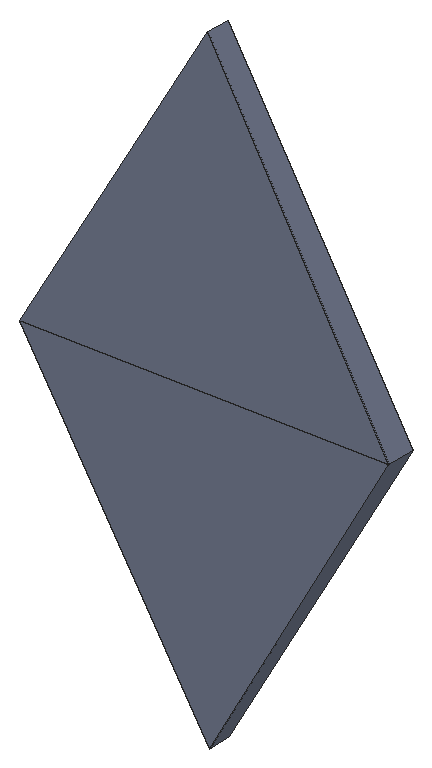
Revit family "Diamond 3D 2XL", category Generic Models, Revit 2019
Family settings
  Can host rebar = No
  Round Connector Dimension = Use Diameter
  Part Type = Normal
  Work Plane-Based = No
  Always vertical = Yes
  Cut with Voids When Loaded = No
  Shared = No
  Room Calculation Point = No
Parameters
  Xorel = Meteor 751
Reference planes (in)
  plane 1 "Center (Front/Back)": y = 0
  plane 2: z = 0
  plane 3 "Center (Left/Right)": x = 0
Forms (in)
  Extrusion 1, solid, material "Meteor 751" <- "Xorel"
    sketch origin (0, 0, 0) x (1, 0, 0) y (0, 0, 1)
      loop
        line (-0.10641, 24) -> (-13.85641, 0) -> (0, -24) -> (13.75, 0) -> (-0.10641, 24)
    from -1 to 1.25
  Extrusion 2, void
    sketch origin (0, -2.5, -24) x (0, -1, 0) y (0, 0, -1)
      loop
        line (-1.25, -24) -> (-1.25, 0.57908) -> (-1.67903, 0.57908) -> (-1.25, -24)
    from -17.4411 to 16.88674
  Extrusion 3, void
    sketch origin (0, -2.5, 24) x (0, -1, 0) y (0, 0, -1)
      loop
        line (-1.25, 24) -> (-1.67903, -0.57908) -> (-1.25, -0.57908) -> (-1.25, 24)
    from -17.4411 to 16.88674
Cuts and joins
  Extrusion 2, Extrusion 3 cuts Extrusion 1
Dimensions and locks (in)
  aligned and locked: plane 2 to level
